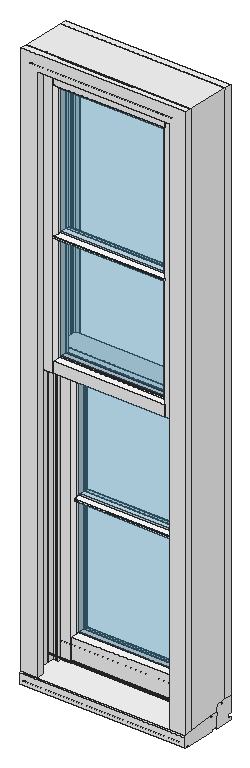
Revit family "S1-22H", category Generic Models, Revit 2012 (continued)
Automatic sketch dimensions
  Extrusion 31 sketch curve to plane 17 = 3 mm  (x2)
  Extrusion 31 sketch curve to Extrusion 31 sketch curve = 3 mm  (x2)
  Extrusion 31 sketch curve to plane 17 = 9 mm
  Extrusion 31 sketch curve to Extrusion 31 sketch curve = 31 mm
  Extrusion 31 sketch curve to plane 1 "Center (Front/Back)" = 5 mm
  Extrusion 31 sketch curve to Extrusion 31 sketch curve = 6 mm
  Extrusion 31 sketch curve to Extrusion 31 sketch curve = 10 mm  (x3)
  Extrusion 31 sketch curve to Extrusion 31 sketch curve = 5 mm
  Extrusion 31 sketch curve to Extrusion 31 sketch curve = 12 mm
  Extrusion 31 sketch curve to Extrusion 31 sketch curve = 9 mm
  Extrusion 31 sketch curve to plane 9 = 5 mm
  plane 4 to Sweep 33 sketch curve = 0.101 mm  (x2)
  profile plane to Sweep 33 sketch curve = 0 mm
  Sweep 33 sketch curve to Sweep 33 sketch curve = 0.669 mm
  profile plane to Sweep 33 sketch curve = 32 mm  (x2)
  profile plane to Sweep 33 sketch curve = 19.825 mm
  profile plane to Sweep 33 sketch curve = 19.763 mm
  Sweep 33 sketch curve to Sweep 33 sketch curve = 7 mm
  Sweep 33 sketch curve to Sweep 33 sketch curve = 9 mm  (x2)
  Sweep 33 sketch curve to Sweep 33 sketch curve = 8 mm  (x2)
  profile plane to Sweep 33 sketch curve = 4 mm
  Sweep 33 sketch curve to profile plane = 4 mm
  Sweep 33 sketch curve to profile plane = 67 mm
  Sweep 33 sketch curve to Sweep 33 sketch curve = 0 mm  (x2)
  Sweep 33 sketch curve to Sweep 33 sketch curve = 5 mm  (x2)
  Sweep 33 sketch curve to Sweep 33 sketch curve = 2.674 mm
  Sweep 33 sketch curve to Sweep 33 sketch curve = 44.501 mm
  plane 1 "Center (Front/Back)" to Sweep 34 sketch curve = 0 mm
  plane 6 to Sweep 34 sketch curve = 30 mm
  plane 8 to Sweep 34 sketch curve = 89 mm
  Sweep 34 sketch curve to level = 6.095 mm
  profile plane to Sweep 34 sketch curve = 103.128 mm
  Sweep 34 sketch curve to Sweep 34 sketch curve = 12.041 mm
  level to Sweep 34 sketch curve = 33.191 mm
  Sweep 34 sketch curve to Sweep 34 sketch curve = 2.634 mm
  Sweep 34 sketch curve to Sweep 34 sketch curve = 0.366 mm
  Sweep 34 sketch curve to Sweep 34 sketch curve = 2.01 mm
  Sweep 34 sketch curve to Sweep 34 sketch curve = 0.564 mm
  Sweep 34 sketch curve to Sweep 34 sketch curve = 0.661 mm  (x2)
  Sweep 34 sketch curve to Sweep 34 sketch curve = 19.844 mm
  Sweep 34 sketch curve to Sweep 34 sketch curve = 0.701 mm
  Sweep 34 sketch curve to Sweep 34 sketch curve = 0.799 mm
  Sweep 34 sketch curve to Sweep 34 sketch curve = 1.734 mm
  Sweep 34 sketch curve to Sweep 34 sketch curve = 0.854 mm
  Sweep 34 sketch curve to Sweep 34 sketch curve = 34.959 mm
  level to Sweep 34 sketch curve = 40.892 mm
  Sweep 34 sketch curve to Sweep 34 sketch curve = 1.002 mm
  Sweep 34 sketch curve to Sweep 34 sketch curve = 5.257 mm
  Sweep 34 sketch curve to Sweep 34 sketch curve = 4.913 mm
  Sweep 34 sketch curve to Sweep 34 sketch curve = 3 mm
  Sweep 34 sketch curve to Sweep 34 sketch curve = 2.097 mm
  Sweep 34 sketch curve to Sweep 34 sketch curve = 0.941 mm
  Sweep 34 sketch curve to Sweep 34 sketch curve = 4.893 mm
  Sweep 34 sketch curve to Sweep 34 sketch curve = 0.218 mm
  Sweep 34 sketch curve to Sweep 34 sketch curve = 0.667 mm
  Extrusion 35 sketch curve to plane 30 = 2 mm
  Extrusion 35 sketch curve to plane 33 = 10 mm  (x2)
  Extrusion 35 sketch curve to Extrusion 35 sketch curve = 2 mm  (x4)
  Extrusion 35 sketch curve to plane 33 = 2.5 mm  (x2)
  plane 33 to Extrusion 35 sketch curve = 2.5 mm  (x2)
  plane 33 to Extrusion 35 sketch curve = 8 mm
  plane 33 to Extrusion 35 sketch curve = 10 mm
  Extrusion 35 sketch curve to Extrusion 35 sketch curve = 2.8 mm  (x2)
  Extrusion 35 sketch curve to plane 1 "Center (Front/Back)" = 8.038 mm
  Extrusion 35 sketch curve to Extrusion 35 sketch curve = 0 mm
  plane 30 to Extrusion 35 sketch curve = 6 mm
  Extrusion 35 sketch curve to Extrusion 35 sketch curve = 2.5 mm  (x2)
  Extrusion 35 sketch curve to plane 9 = 4.008 mm  (x2)
  Extrusion 37 sketch curve to plane 35 = 0 mm  (x2)
  Extrusion 37 sketch curve to Extrusion 37 sketch curve = 2 mm  (x3)
  Extrusion 37 sketch curve to plane 10 = 0.831 mm
  plane 35 to Extrusion 37 sketch curve = 7.449 mm
  plane 35 to Extrusion 37 sketch curve = 7.5 mm
  plane 10 to Extrusion 37 sketch curve = 1.169 mm  (x2)
  Extrusion 37 sketch curve to Extrusion 37 sketch curve = 5 mm  (x2)
  Extrusion 37 sketch curve to Extrusion 37 sketch curve = 5.5 mm
  Extrusion 37 sketch curve to Extrusion 37 sketch curve = 7.551 mm
  plane 10 to Extrusion 37 sketch curve = 9.323 mm
  plane 10 to Extrusion 37 sketch curve = 12.123 mm
  plane 1 "Center (Front/Back)" to Extrusion 37 sketch curve = 26.492 mm
  Extrusion 37 sketch curve to Extrusion 37 sketch curve = 6 mm  (x2)
  Extrusion 37 sketch curve to Extrusion 37 sketch curve = 2.5 mm  (x2)
  Extrusion 37 sketch curve to Extrusion 37 sketch curve = 7.5 mm
  Extrusion 37 sketch curve to Extrusion 37 sketch curve = 0 mm
  Extrusion 39 sketch curve to plane 34 = 0.5 mm  (x3)
  Extrusion 39 sketch curve to plane 34 = 3.5 mm  (x2)
  plane 10 to Extrusion 39 sketch curve = 1 mm
  Extrusion 39 sketch curve to Extrusion 39 sketch curve = 3 mm  (x2)
  Extrusion 39 sketch curve to Extrusion 39 sketch curve = 9 mm
  plane 1 "Center (Front/Back)" to Extrusion 39 sketch curve = 6 mm
  Extrusion 39 sketch curve to Extrusion 39 sketch curve = 34 mm
  Extrusion 39 sketch curve to Extrusion 39 sketch curve = 6 mm
  Extrusion 39 sketch curve to Extrusion 39 sketch curve = 10 mm  (x2)
  plane 10 to Extrusion 39 sketch curve = 11 mm
  plane 10 to Extrusion 39 sketch curve = 13 mm
  Extrusion 39 sketch curve to Extrusion 39 sketch curve = 17 mm
  Extrusion 39 sketch curve to Extrusion 39 sketch curve = 8 mm
  Extrusion 40 sketch curve to plane 10 = 0 mm  (x2)
  Extrusion 40 sketch curve to plane 10 = 0.972 mm  (x2)
  Extrusion 40 sketch curve to Extrusion 40 sketch curve = 1.528 mm
  Extrusion 40 sketch curve to Extrusion 40 sketch curve = 0.5 mm  (x2)
  Extrusion 40 sketch curve to Extrusion 40 sketch curve = 0.574 mm  (x2)
  Extrusion 40 sketch curve to Extrusion 40 sketch curve = 0.813 mm
  Extrusion 40 sketch curve to Extrusion 40 sketch curve = 0 mm  (x5)
  Extrusion 40 sketch curve to Extrusion 40 sketch curve = 0.85 mm
  Extrusion 40 sketch curve to Extrusion 40 sketch curve = 0.61 mm
  Extrusion 40 sketch curve to Extrusion 40 sketch curve = 0.895 mm  (x4)
  Extrusion 40 sketch curve to Extrusion 40 sketch curve = 1.681 mm
  Extrusion 40 sketch curve to plane 34 = 8.967 mm
  Extrusion 40 sketch curve to Extrusion 40 sketch curve = 1 mm  (x2)
  Extrusion 40 sketch curve to Extrusion 40 sketch curve = 1.25 mm  (x3)
  Extrusion 40 sketch curve to Extrusion 40 sketch curve = 0.028 mm
  Extrusion 40 sketch curve to Extrusion 40 sketch curve = 0.867 mm  (x2)
  Extrusion 40 sketch curve to Extrusion 40 sketch curve = 0.355 mm
  Extrusion 40 sketch curve to Extrusion 40 sketch curve = 0.71 mm  (x2)
  Extrusion 40 sketch curve to Extrusion 40 sketch curve = 2.5 mm
  Extrusion 41 sketch curve to plane 10 = 2.5 mm
  Extrusion 41 sketch curve to plane 10 = 0.972 mm  (x2)
  plane 10 to Extrusion 41 sketch curve = 0.273 mm  (x2)
  Extrusion 41 sketch curve to Extrusion 41 sketch curve = 4.772 mm
  Extrusion 41 sketch curve to Extrusion 41 sketch curve = 0 mm  (x2)
  Extrusion 41 sketch curve to Extrusion 41 sketch curve = 0.921 mm  (x3)
  Extrusion 41 sketch curve to plane 34 = 7.967 mm
  Extrusion 41 sketch curve to Extrusion 41 sketch curve = 1.255 mm
  Extrusion 41 sketch curve to Extrusion 41 sketch curve = 0.719 mm  (x2)
  Extrusion 41 sketch curve to Extrusion 41 sketch curve = 1.052 mm
  Extrusion 41 sketch curve to Extrusion 41 sketch curve = 3.157 mm
  Extrusion 41 sketch curve to Extrusion 41 sketch curve = 1.974 mm
  plane 34 to Extrusion 42 sketch curve = 0.291 mm
  plane 1 "Center (Front/Back)" to Extrusion 42 sketch curve = 21.037 mm
  Extrusion 42 sketch curve to Extrusion 42 sketch curve = 0.783 mm
  plane 34 to Extrusion 42 sketch curve = 0.001 mm
  Extrusion 42 sketch curve to Extrusion 42 sketch curve = 0.015 mm
  Extrusion 42 sketch curve to Extrusion 42 sketch curve = 5.086 mm
  Extrusion 42 sketch curve to Extrusion 42 sketch curve = 0.852 mm  (x2)
  Extrusion 42 sketch curve to Extrusion 42 sketch curve = 1.04 mm
  Extrusion 42 sketch curve to plane 34 = 2.871 mm
  Extrusion 42 sketch curve to Extrusion 42 sketch curve = 0.6 mm
  Extrusion 42 sketch curve to Extrusion 42 sketch curve = 0.954 mm  (x2)
  plane 34 to Extrusion 42 sketch curve = 0.546 mm
  Extrusion 43 sketch curve to Extrusion 43 sketch curve = 0 mm  (x10)
  Extrusion 43 sketch curve to plane 34 = 0 mm
  Extrusion 43 sketch curve to plane 13 = 1.615 mm
  plane 1 "Center (Front/Back)" to Extrusion 43 sketch curve = 24.114 mm
  Extrusion 43 sketch curve to plane 13 = 1.823 mm
  Extrusion 43 sketch curve to Extrusion 43 sketch curve = 0.5 mm  (x4)
  Extrusion 43 sketch curve to plane 13 = 0.705 mm
  Extrusion 43 sketch curve to Extrusion 43 sketch curve = 2.378 mm
  Extrusion 43 sketch curve to plane 13 = 1.059 mm
  Extrusion 43 sketch curve to Extrusion 43 sketch curve = 0.354 mm  (x3)
  Extrusion 43 sketch curve to Extrusion 43 sketch curve = 0.707 mm
  plane 13 to Extrusion 43 sketch curve = 2.736 mm
  Extrusion 43 sketch curve to Extrusion 43 sketch curve = 1.473 mm
  plane 13 to Extrusion 43 sketch curve = 2.382 mm
  Extrusion 43 sketch curve to Extrusion 43 sketch curve = 0.315 mm  (x2)
  Extrusion 43 sketch curve to Extrusion 43 sketch curve = 2.239 mm
  Extrusion 43 sketch curve to Extrusion 43 sketch curve = 0.32 mm
  Extrusion 43 sketch curve to Extrusion 43 sketch curve = 1.581 mm
  Extrusion 43 sketch curve to Extrusion 43 sketch curve = 0.136 mm
  Extrusion 43 sketch curve to Extrusion 43 sketch curve = 0.899 mm
  Extrusion 43 sketch curve to Extrusion 43 sketch curve = 1.177 mm
  plane 34 to Extrusion 43 sketch curve = 0.234 mm
  Extrusion 43 sketch curve to plane 34 = 0.981 mm
  Extrusion 43 sketch curve to Extrusion 43 sketch curve = 0.462 mm
  Extrusion 43 sketch curve to Extrusion 43 sketch curve = 0.388 mm
  Extrusion 43 sketch curve to Extrusion 43 sketch curve = 1.141 mm
  Extrusion 43 sketch curve to Extrusion 43 sketch curve = 0.886 mm
  Extrusion 43 sketch curve to Extrusion 43 sketch curve = 1.205 mm
  Extrusion 43 sketch curve to Extrusion 43 sketch curve = 0.984 mm
  plane 1 "Center (Front/Back)" to Extrusion 44 sketch curve = 1.135 mm
  Extrusion 44 sketch curve to Extrusion 44 sketch curve = 1.5 mm  (x2)
  Extrusion 44 sketch curve to Extrusion 44 sketch curve = 1.273 mm  (x2)
  Extrusion 44 sketch curve to Extrusion 44 sketch curve = 4.772 mm
  Extrusion 44 sketch curve to Extrusion 44 sketch curve = 0 mm
  Extrusion 44 sketch curve to Extrusion 44 sketch curve = 0.921 mm  (x3)
  Extrusion 44 sketch curve to plane 34 = 4.193 mm
  Extrusion 44 sketch curve to plane 34 = 5.37 mm
  Extrusion 44 sketch curve to Extrusion 44 sketch curve = 2.432 mm
  Extrusion 44 sketch curve to Extrusion 44 sketch curve = 0.735 mm  (x2)
  Extrusion 44 sketch curve to Extrusion 44 sketch curve = 0.667 mm
  Extrusion 44 sketch curve to Extrusion 44 sketch curve = 2.804 mm
  Extrusion 44 sketch curve to Extrusion 44 sketch curve = 3.167 mm
  plane 22 to Extrusion 45 sketch curve = 2.224 mm
  Extrusion 45 sketch curve to Extrusion 45 sketch curve = 1.5 mm  (x2)
  plane 9 to Extrusion 45 sketch curve = 0.254 mm  (x2)
  Extrusion 45 sketch curve to plane 34 = 2.089 mm
  Extrusion 45 sketch curve to plane 9 = 4.518 mm
  Extrusion 45 sketch curve to Extrusion 45 sketch curve = 0 mm
  Extrusion 45 sketch curve to Extrusion 45 sketch curve = 0.921 mm  (x2)
  Extrusion 45 sketch curve to plane 34 = 1.167 mm
  Extrusion 45 sketch curve to plane 34 = 0.982 mm
  Extrusion 45 sketch curve to Extrusion 45 sketch curve = 1.44 mm
  Extrusion 45 sketch curve to Extrusion 45 sketch curve = 0.735 mm  (x2)
  Extrusion 45 sketch curve to Extrusion 45 sketch curve = 0.65 mm
  Extrusion 45 sketch curve to Extrusion 45 sketch curve = 2.787 mm
  Extrusion 45 sketch curve to Extrusion 45 sketch curve = 2.175 mm
  Extrusion 46 sketch curve to plane 29 = 3.626 mm
  Extrusion 46 sketch curve to Extrusion 46 sketch curve = 0.838 mm
  Extrusion 46 sketch curve to Extrusion 46 sketch curve = 0.12 mm
  plane 28 to Extrusion 46 sketch curve = 1.524 mm
  plane 28 to Extrusion 46 sketch curve = 0.672 mm
  plane 28 to Extrusion 46 sketch curve = 0.281 mm
  Extrusion 46 sketch curve to plane 28 = 1.149 mm
  Extrusion 46 sketch curve to plane 1 "Center (Front/Back)" = 3.136 mm
  Extrusion 46 sketch curve to Extrusion 46 sketch curve = 0.368 mm
  Extrusion 46 sketch curve to plane 1 "Center (Front/Back)" = 3.73 mm
  Extrusion 46 sketch curve to Extrusion 46 sketch curve = 0.96 mm
  Extrusion 46 sketch curve to Extrusion 46 sketch curve = 0.868 mm
  Extrusion 46 sketch curve to Extrusion 46 sketch curve = 4.353 mm
  Extrusion 46 sketch curve to Extrusion 46 sketch curve = 0.954 mm
  Extrusion 46 sketch curve to Extrusion 46 sketch curve = 0.097 mm
  Extrusion 46 sketch curve to Extrusion 46 sketch curve = 0.729 mm
  Extrusion 47 sketch curve to Extrusion 47 sketch curve = 0 mm  (x6)
  Extrusion 47 sketch curve to plane 29 = 0.263 mm
  Extrusion 47 sketch curve to Extrusion 47 sketch curve = 0.504 mm
  Extrusion 47 sketch curve to Extrusion 47 sketch curve = 0.692 mm
  Extrusion 47 sketch curve to Extrusion 47 sketch curve = 0.009 mm
  Extrusion 47 sketch curve to plane 1 "Center (Front/Back)" = 0.968 mm
  Extrusion 47 sketch curve to Extrusion 47 sketch curve = 2.715 mm
  Extrusion 47 sketch curve to plane 1 "Center (Front/Back)" = 1.362 mm
  Extrusion 47 sketch curve to Extrusion 47 sketch curve = 0.308 mm  (x2)
  Extrusion 47 sketch curve to Extrusion 47 sketch curve = 0.273 mm
  Extrusion 47 sketch curve to Extrusion 47 sketch curve = 0.062 mm  (x2)
  Extrusion 47 sketch curve to Extrusion 47 sketch curve = 0.085 mm
  plane 28 to Extrusion 47 sketch curve = 4.129 mm
  plane 28 to Extrusion 47 sketch curve = 3.917 mm
  Extrusion 47 sketch curve to Extrusion 47 sketch curve = 0.414 mm
  plane 1 "Center (Front/Back)" to Extrusion 47 sketch curve = 1.859 mm
  Extrusion 47 sketch curve to Extrusion 47 sketch curve = 0.507 mm
  Extrusion 47 sketch curve to Extrusion 47 sketch curve = 0.347 mm
  plane 28 to Extrusion 47 sketch curve = 1.821 mm
  Extrusion 47 sketch curve to Extrusion 47 sketch curve = 0.122 mm
  plane 28 to Extrusion 47 sketch curve = 0.84 mm  (x2)
  plane 28 to Extrusion 47 sketch curve = 0.34 mm
  Extrusion 47 sketch curve to Extrusion 47 sketch curve = 0.407 mm
  Extrusion 47 sketch curve to Extrusion 47 sketch curve = 0.394 mm
  Extrusion 47 sketch curve to plane 1 "Center (Front/Back)" = 1.065 mm
  Extrusion 47 sketch curve to Extrusion 47 sketch curve = 0.246 mm
  Extrusion 47 sketch curve to Extrusion 47 sketch curve = 0.537 mm
  Extrusion 47 sketch curve to plane 1 "Center (Front/Back)" = 3.105 mm
  Extrusion 47 sketch curve to Extrusion 47 sketch curve = 2.566 mm
  Extrusion 47 sketch curve to Extrusion 47 sketch curve = 0.002 mm
  Extrusion 47 sketch curve to Extrusion 47 sketch curve = 1.017 mm
  Extrusion 47 sketch curve to Extrusion 47 sketch curve = 0.43 mm
  Extrusion 47 sketch curve to Extrusion 47 sketch curve = 3.279 mm
  Extrusion 47 sketch curve to Extrusion 47 sketch curve = 0.955 mm
  Extrusion 47 sketch curve to Extrusion 47 sketch curve = 1.205 mm
  plane 28 to Extrusion 48 sketch curve = 3.267 mm
  Extrusion 48 sketch curve to Extrusion 48 sketch curve = 0.702 mm
  Extrusion 48 sketch curve to Extrusion 48 sketch curve = 0.075 mm
  Extrusion 48 sketch curve to plane 29 = 1.076 mm
  Extrusion 48 sketch curve to plane 29 = 0.469 mm
  plane 29 to Extrusion 48 sketch curve = 0.167 mm
  Extrusion 48 sketch curve to Extrusion 48 sketch curve = 1.04 mm
  plane 1 "Center (Front/Back)" to Extrusion 48 sketch curve = 3.976 mm
  Extrusion 48 sketch curve to Extrusion 48 sketch curve = 0.208 mm
  Extrusion 48 sketch curve to Extrusion 48 sketch curve = 0.602 mm
  plane 1 "Center (Front/Back)" to Extrusion 48 sketch curve = 4.662 mm
  Extrusion 48 sketch curve to Extrusion 48 sketch curve = 0.535 mm
  Extrusion 48 sketch curve to Extrusion 48 sketch curve = 4.439 mm
  Extrusion 48 sketch curve to Extrusion 48 sketch curve = 0.954 mm
  Extrusion 48 sketch curve to Extrusion 48 sketch curve = 0.013 mm
  Extrusion 48 sketch curve to Extrusion 48 sketch curve = 0.587 mm
  Extrusion 49 sketch curve to Extrusion 49 sketch curve = 0 mm  (x2)
  Extrusion 49 sketch curve to plane 28 = 0.417 mm
  plane 28 to Extrusion 49 sketch curve = 0.083 mm
  Extrusion 49 sketch curve to Extrusion 49 sketch curve = 2.115 mm
  Extrusion 49 sketch curve to Extrusion 49 sketch curve = 0.355 mm
  Extrusion 49 sketch curve to Extrusion 49 sketch curve = 0.066 mm
  Extrusion 49 sketch curve to Extrusion 49 sketch curve = 0.426 mm
  Extrusion 49 sketch curve to Extrusion 49 sketch curve = 0.854 mm
  Extrusion 49 sketch curve to Extrusion 49 sketch curve = 0.002 mm
  Extrusion 49 sketch curve to Extrusion 49 sketch curve = 2.349 mm
  Extrusion 49 sketch curve to Extrusion 49 sketch curve = 0.288 mm
  Extrusion 49 sketch curve to Extrusion 49 sketch curve = 0.248 mm
  Extrusion 49 sketch curve to plane 1 "Center (Front/Back)" = 1.409 mm
  Extrusion 49 sketch curve to Extrusion 49 sketch curve = 0.374 mm
  Extrusion 49 sketch curve to plane 1 "Center (Front/Back)" = 1.063 mm
  Extrusion 49 sketch curve to Extrusion 49 sketch curve = 0.37 mm
  Extrusion 49 sketch curve to plane 29 = 3.469 mm
  Extrusion 49 sketch curve to plane 29 = 0.904 mm
  Extrusion 49 sketch curve to Extrusion 49 sketch curve = 0.163 mm
  Extrusion 49 sketch curve to plane 29 = 0.72 mm
  Extrusion 49 sketch curve to Extrusion 49 sketch curve = 0.042 mm
  Extrusion 49 sketch curve to Extrusion 49 sketch curve = 0.434 mm
  plane 29 to Extrusion 49 sketch curve = 0.577 mm
  Extrusion 49 sketch curve to Extrusion 49 sketch curve = 0.215 mm
  plane 1 "Center (Front/Back)" to Extrusion 49 sketch curve = 1.107 mm
  plane 1 "Center (Front/Back)" to Extrusion 49 sketch curve = 1.13 mm
  Extrusion 49 sketch curve to Extrusion 49 sketch curve = 0.26 mm
  Extrusion 49 sketch curve to Extrusion 49 sketch curve = 0.366 mm
  Extrusion 49 sketch curve to Extrusion 49 sketch curve = 0.77 mm
  Extrusion 49 sketch curve to Extrusion 49 sketch curve = 0.041 mm
  plane 1 "Center (Front/Back)" to Extrusion 49 sketch curve = 4.136 mm
  Extrusion 49 sketch curve to Extrusion 49 sketch curve = 0.497 mm
  Extrusion 49 sketch curve to Extrusion 49 sketch curve = 0.336 mm
  Extrusion 49 sketch curve to Extrusion 49 sketch curve = 0.124 mm
  Extrusion 49 sketch curve to Extrusion 49 sketch curve = 4.03 mm
  Extrusion 49 sketch curve to Extrusion 49 sketch curve = 0.955 mm
  Extrusion 49 sketch curve to Extrusion 49 sketch curve = 1.238 mm
  Extrusion 50 sketch curve to plane 9 = 16.728 mm
  Extrusion 50 sketch curve to Extrusion 50 sketch curve = 0.838 mm
  Extrusion 50 sketch curve to Extrusion 50 sketch curve = 0.12 mm
  Extrusion 50 sketch curve to Extrusion 50 sketch curve = 4.013 mm
  Extrusion 50 sketch curve to Extrusion 50 sketch curve = 0.852 mm
  Extrusion 50 sketch curve to Extrusion 50 sketch curve = 0.391 mm
  Extrusion 50 sketch curve to Extrusion 50 sketch curve = 1.04 mm
  plane 4 to Extrusion 50 sketch curve = 34.325 mm
  Extrusion 50 sketch curve to Extrusion 50 sketch curve = 0.368 mm
  Extrusion 50 sketch curve to Extrusion 50 sketch curve = 0.593 mm
  Extrusion 50 sketch curve to Extrusion 50 sketch curve = 0.96 mm
  Extrusion 50 sketch curve to Extrusion 50 sketch curve = 0.868 mm
  Extrusion 50 sketch curve to Extrusion 50 sketch curve = 4.578 mm
  Extrusion 50 sketch curve to Extrusion 50 sketch curve = 0.826 mm
  Extrusion 50 sketch curve to Extrusion 50 sketch curve = 0.954 mm
  Extrusion 50 sketch curve to Extrusion 50 sketch curve = 0.729 mm
  Extrusion 51 sketch curve to Extrusion 51 sketch curve = 0 mm  (x6)
  Extrusion 51 sketch curve to plane 9 = 20.09 mm
  Extrusion 51 sketch curve to Extrusion 51 sketch curve = 0.504 mm
  Extrusion 51 sketch curve to Extrusion 51 sketch curve = 0.692 mm
  Extrusion 51 sketch curve to Extrusion 51 sketch curve = 0.009 mm
  Extrusion 51 sketch curve to Extrusion 51 sketch curve = 2.715 mm
  Extrusion 51 sketch curve to Extrusion 51 sketch curve = 0.308 mm  (x2)
  Extrusion 51 sketch curve to Extrusion 51 sketch curve = 0.273 mm
  Extrusion 51 sketch curve to Extrusion 51 sketch curve = 0.062 mm  (x2)
  Extrusion 51 sketch curve to Extrusion 51 sketch curve = 0.085 mm
  Extrusion 51 sketch curve to Extrusion 51 sketch curve = 2.389 mm
  Extrusion 51 sketch curve to Extrusion 51 sketch curve = 4.624 mm
  Extrusion 51 sketch curve to Extrusion 51 sketch curve = 0.414 mm
  Extrusion 51 sketch curve to Extrusion 51 sketch curve = 0.507 mm
  Extrusion 51 sketch curve to Extrusion 51 sketch curve = 0.347 mm
  Extrusion 51 sketch curve to Extrusion 51 sketch curve = 4.117 mm
  Extrusion 51 sketch curve to Extrusion 51 sketch curve = 0.122 mm
  Extrusion 51 sketch curve to Extrusion 51 sketch curve = 3.078 mm
  Extrusion 51 sketch curve to Extrusion 51 sketch curve = 0.981 mm
  Extrusion 51 sketch curve to Extrusion 51 sketch curve = 0.5 mm
  plane 4 to Extrusion 51 sketch curve = 28.029 mm
  Extrusion 51 sketch curve to Extrusion 51 sketch curve = 0.394 mm  (x2)
  Extrusion 51 sketch curve to Extrusion 51 sketch curve = 0.501 mm
  Extrusion 51 sketch curve to Extrusion 51 sketch curve = 3.233 mm
  Extrusion 51 sketch curve to Extrusion 51 sketch curve = 0.097 mm
  Extrusion 51 sketch curve to Extrusion 51 sketch curve = 0.246 mm
  Extrusion 51 sketch curve to Extrusion 51 sketch curve = 0.537 mm
  Extrusion 51 sketch curve to Extrusion 51 sketch curve = 0.53 mm
  Extrusion 51 sketch curve to Extrusion 51 sketch curve = 2.566 mm
  Extrusion 51 sketch curve to Extrusion 51 sketch curve = 0.002 mm
  Extrusion 51 sketch curve to Extrusion 51 sketch curve = 1.017 mm
  Extrusion 51 sketch curve to Extrusion 51 sketch curve = 0.43 mm
  Extrusion 51 sketch curve to Extrusion 51 sketch curve = 3.279 mm
  Extrusion 51 sketch curve to Extrusion 51 sketch curve = 0.955 mm
  Extrusion 51 sketch curve to Extrusion 51 sketch curve = 1.205 mm
  Extrusion 52 sketch curve to plane 1 "Center (Front/Back)" = 9.441 mm
  Extrusion 52 sketch curve to Extrusion 52 sketch curve = 0.838 mm
  Extrusion 52 sketch curve to Extrusion 52 sketch curve = 0.12 mm
  Extrusion 52 sketch curve to Extrusion 52 sketch curve = 4.013 mm
  Extrusion 52 sketch curve to Extrusion 52 sketch curve = 0.852 mm
  Extrusion 52 sketch curve to Extrusion 52 sketch curve = 0.391 mm
  Extrusion 52 sketch curve to Extrusion 52 sketch curve = 1.04 mm
  plane 4 to Extrusion 52 sketch curve = 14.296 mm
  Extrusion 52 sketch curve to Extrusion 52 sketch curve = 0.368 mm
  Extrusion 52 sketch curve to Extrusion 52 sketch curve = 0.593 mm
  Extrusion 52 sketch curve to Extrusion 52 sketch curve = 0.96 mm
  Extrusion 52 sketch curve to Extrusion 52 sketch curve = 0.868 mm
  Extrusion 52 sketch curve to Extrusion 52 sketch curve = 4.578 mm
  Extrusion 52 sketch curve to Extrusion 52 sketch curve = 0.826 mm
  Extrusion 52 sketch curve to Extrusion 52 sketch curve = 0.954 mm
  Extrusion 52 sketch curve to Extrusion 52 sketch curve = 0.729 mm
  Extrusion 53 sketch curve to Extrusion 53 sketch curve = 0 mm  (x6)
  Extrusion 53 sketch curve to plane 1 "Center (Front/Back)" = 6.078 mm
  Extrusion 53 sketch curve to Extrusion 53 sketch curve = 0.504 mm
  Extrusion 53 sketch curve to Extrusion 53 sketch curve = 0.692 mm
  Extrusion 53 sketch curve to Extrusion 53 sketch curve = 0.009 mm
  Extrusion 53 sketch curve to Extrusion 53 sketch curve = 2.715 mm
  Extrusion 53 sketch curve to Extrusion 53 sketch curve = 0.308 mm  (x2)
  Extrusion 53 sketch curve to Extrusion 53 sketch curve = 0.273 mm
  Extrusion 53 sketch curve to Extrusion 53 sketch curve = 0.062 mm  (x2)
  Extrusion 53 sketch curve to Extrusion 53 sketch curve = 0.085 mm
  Extrusion 53 sketch curve to Extrusion 53 sketch curve = 2.389 mm
  Extrusion 53 sketch curve to Extrusion 53 sketch curve = 4.624 mm
  Extrusion 53 sketch curve to Extrusion 53 sketch curve = 0.414 mm
  plane 4 to Extrusion 53 sketch curve = 9.301 mm
  Extrusion 53 sketch curve to Extrusion 53 sketch curve = 0.507 mm
  Extrusion 53 sketch curve to Extrusion 53 sketch curve = 0.347 mm
  Extrusion 53 sketch curve to Extrusion 53 sketch curve = 4.117 mm
  Extrusion 53 sketch curve to Extrusion 53 sketch curve = 0.122 mm
  Extrusion 53 sketch curve to Extrusion 53 sketch curve = 3.078 mm
  Extrusion 53 sketch curve to Extrusion 53 sketch curve = 0.981 mm
  Extrusion 53 sketch curve to Extrusion 53 sketch curve = 0.5 mm
  Extrusion 53 sketch curve to Extrusion 53 sketch curve = 0.407 mm
  Extrusion 53 sketch curve to Extrusion 53 sketch curve = 0.394 mm  (x2)
  Extrusion 53 sketch curve to Extrusion 53 sketch curve = 3.233 mm
  Extrusion 53 sketch curve to Extrusion 53 sketch curve = 0.097 mm
  Extrusion 53 sketch curve to Extrusion 53 sketch curve = 0.246 mm
  Extrusion 53 sketch curve to Extrusion 53 sketch curve = 0.537 mm
  Extrusion 53 sketch curve to Extrusion 53 sketch curve = 0.53 mm
  Extrusion 53 sketch curve to Extrusion 53 sketch curve = 2.566 mm
  Extrusion 53 sketch curve to Extrusion 53 sketch curve = 0.002 mm
  Extrusion 53 sketch curve to Extrusion 53 sketch curve = 1.017 mm
  Extrusion 53 sketch curve to Extrusion 53 sketch curve = 0.43 mm
  Extrusion 53 sketch curve to Extrusion 53 sketch curve = 3.279 mm
  Extrusion 53 sketch curve to Extrusion 53 sketch curve = 0.955 mm
  Extrusion 53 sketch curve to Extrusion 53 sketch curve = 1.205 mm
  Extrusion 28 sketch curve to Extrusion 28 sketch curve = 13.619 mm
  Extrusion 28 sketch curve to Extrusion 28 sketch curve = 3.494 mm
  Extrusion 28 sketch curve to Extrusion 28 sketch curve = 3.308 mm
  Extrusion 28 sketch curve to Extrusion 28 sketch curve = 0.449 mm
  Extrusion 28 sketch curve to Extrusion 28 sketch curve = 5.279 mm
  Extrusion 17 sketch curve to Extrusion 17 sketch curve = 13.619 mm
  Extrusion 17 sketch curve to Extrusion 17 sketch curve = 3.494 mm
  Extrusion 17 sketch curve to Extrusion 17 sketch curve = 3.308 mm
  Extrusion 17 sketch curve to Extrusion 17 sketch curve = 0.449 mm
  Extrusion 17 sketch curve to Extrusion 17 sketch curve = 5.279 mm
  Sweep 34 sketch curve to Sweep 34 sketch curve = 13.619 mm
  Sweep 34 sketch curve to Sweep 34 sketch curve = 3.494 mm
  Sweep 34 sketch curve to Sweep 34 sketch curve = 12.937 mm
  Sweep 34 sketch curve to Sweep 34 sketch curve = 3.308 mm
  Sweep 34 sketch curve to Sweep 34 sketch curve = 5.279 mm
  Extrusion 27 sketch curve to Extrusion 27 sketch curve = 3.255 mm
  Extrusion 27 sketch curve to Extrusion 27 sketch curve = 3.813 mm
  Extrusion 27 sketch curve to Extrusion 27 sketch curve = 0.468 mm
  Extrusion 16 sketch curve to Extrusion 16 sketch curve = 3.255 mm
  Extrusion 16 sketch curve to Extrusion 16 sketch curve = 3.813 mm
  Extrusion 16 sketch curve to Extrusion 16 sketch curve = 0.468 mm
  Sweep 34 sketch curve to profile plane = 6.58 mm
  Sweep 34 sketch curve to Sweep 34 sketch curve = 3.255 mm
  Sweep 34 sketch curve to Sweep 34 sketch curve = 3.967 mm
  Sweep 34 sketch curve to Sweep 34 sketch curve = 0.468 mm
  plane 22 to Extrusion 54 sketch curve = 2.224 mm
  Extrusion 54 sketch curve to Extrusion 54 sketch curve = 1.5 mm  (x2)
  plane 9 to Extrusion 54 sketch curve = 0.254 mm  (x2)
  Extrusion 54 sketch curve to plane 9 = 4.518 mm
  Extrusion 54 sketch curve to Extrusion 54 sketch curve = 0 mm
  Extrusion 54 sketch curve to Extrusion 54 sketch curve = 0.921 mm  (x3)
  Extrusion 54 sketch curve to plane 21 = 39.018 mm
  Extrusion 54 sketch curve to Extrusion 54 sketch curve = 0.177 mm
  Extrusion 54 sketch curve to Extrusion 54 sketch curve = 1.432 mm  (x2)
  Extrusion 54 sketch curve to Extrusion 54 sketch curve = 0.735 mm  (x2)
  Extrusion 54 sketch curve to Extrusion 54 sketch curve = 0.667 mm
  Extrusion 54 sketch curve to Extrusion 54 sketch curve = 2.803 mm
  radius of Extrusion 13 sketch curve = 5 mm
  radius of Extrusion 13 sketch curve = 8.5 mm
  radius of Extrusion 22 sketch curve = 5 mm
  radius of Extrusion 22 sketch curve = 8.5 mm
  radius of Extrusion 30 sketch curve = 5 mm
  radius of Extrusion 30 sketch curve = 8.5 mm
  radius of Extrusion 32 sketch curve = 5 mm
  radius of Extrusion 32 sketch curve = 8.5 mm
Types (3, lengths in mm): name | Width | Height | GlazingPanelMaterial | Floor Material
  Window Sill drawing | 511 | 1770 | Glass | White
  Access Manager | 1250 | 1250 | none | none
  window family | 511 | 1770 | Glass | 1.12A ANCHOR FIXING
